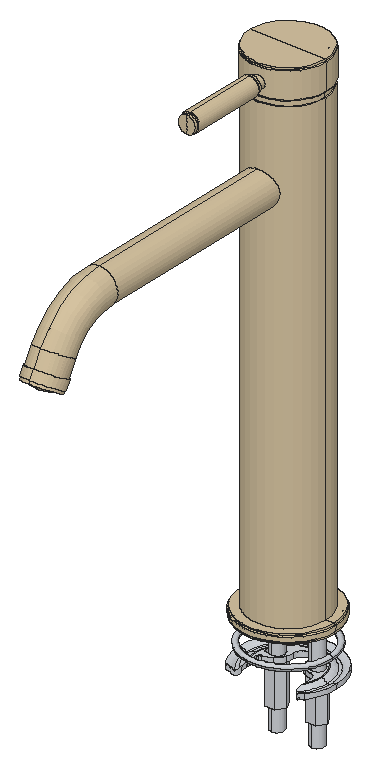
Revit family "Reece_Tap_Milli_Etch_Basin Mixer_Extended", category Plumbing Fixtures, host Face, Revit 2018
Family settings
  Host = Face
  Round Connector Dimension = Use Diameter
  Part Type = Normal
  Cut with Voids When Loaded = No
  Shared = Yes
  Room Calculation Point = Yes
Parameters (values of type "Brushed Gold")
  WFU = 0  # constant formula
  URL = "https://www.reece.com.au/product/-21367"
  Type Comments = "Tap"
  Reece_Tap_Reach = 163 mm  # constant formula
  Reece_Tap_Inlet = 12 mm  # constant formula
  Reece_Tap_Clearance = 180 mm  # constant formula
  Reece_Product_Web Page = "https://www.reece.com.au/product/-21367"
  Reece_Product_Type = "Tap"
  Reece_Product_Sub Brand = "Etch"
  Reece_Product_Number = "21367"
  Reece_Product_Mount = "Hob Mounted"
  Reece_Product_Description = "Milli Etch Extended Height Basin Mixer Tap Brushed Gold (6 Star) Lead Free"
  Reece_Product_Brand = "Milli"
  Reece_Overall_Length = 196 mm  # constant formula
  Reece_Overall_Height = 271 mm  # constant formula
  Reece_Material_Secondary = Reece_PVD_Brushed Gold_Knurl Pattern
  Reece_Material_Main = Reece_PVD_Brushed Gold
  Reece_Detail_Installation = ""
  Reece_Detail_Disclaimer = "THIS FILE IS THE PROPERTY OF THE REECE GROUP. IT MAY NOT BE REPRODUCED, REVERSE-ENGINEERED, OR MODIFIED. ANY REPUBLICATION, TRANSMISSION, OR DISTRIBUTION FOR THE PURPOSE OF COMMERCIALLY EXPLOITING THE FILES IS PROHIBITED."  # constant formula
  Reece_Detail_Connector = ""
  Reece_Detail_Additional = "Basin Mixer"
  Model = "Etch"
  Manufacturer = "Milli"
  Keynote = "Product #21367, Reece_Tap_Milli_Etch_Basin Mixer_Extended - Brushed Gold"
  HWFU = 0  # constant formula
  Disclaimer = "THIS FILE IS THE PROPERTY OF THE REECE GROUP. IT MAY NOT BE REPRODUCED, REVERSE-ENGINEERED, OR MODIFIED. ANY REPUBLICATION, TRANSMISSION, OR DISTRIBUTION FOR THE PURPOSE OF COMMERCIALLY EXPLOITING THE FILES IS PROHIBITED."  # constant formula
  Description = "Milli Etch Extended Height Basin Mixer Tap Brushed Gold (6 Star) Lead Free"
  Default Elevation = 1000 mm
  CWFU = 0  # constant formula
Types (6, lengths in mm): name | URL | Reece_Product_Web Page | Reece_Product_Number | Reece_Product_Description | Reece_Material_Secondary | Reece_Material_Main | Keynote | Description
  Chrome | "https://www.reece.com.au/product/-21364" | "https://www.reece.com.au/product/-21364" | "21364" | "Milli Etch Extended Height Basin Mixer Tap Chrome (6 Star) Lead Free" | Reece_Brass_Chrome_Knurl Pattern | Reece_Brass_Chrome | "Product #21364, Reece_Tap_Milli_Etch_Basin Mixer_Extended - Chrome" | "Milli Etch Extended Height Basin Mixer Tap Chrome (6 Star) Lead Free"
  Matte Black | "https://www.reece.com.au/product/-21365" | "https://www.reece.com.au/product/-21365" | "21365" | "Milli Etch Extended Height Basin Mixer Tap Matte Black (6 Star) Lead Free" | Reece_Brass_Matte Black_Knurl Pattern | Reece_Brass_Matte Black | "Product #21365, Reece_Tap_Milli_Etch_Basin Mixer_Extended - Matte Black" | "Milli Etch Extended Height Basin Mixer Tap Matte Black (6 Star) Lead Free"
  Brushed Nickel | "https://www.reece.com.au/product/-21366" | "https://www.reece.com.au/product/-21366" | "21366" | "Milli Etch Extended Height Basin Mixer Tap Brushed Nickel (6 Star) Lead Free" | Reece_Brass_Brushed Nickel_Knurl Pattern | Reece_Brass_Brushed Nickel | "Product #21366, Reece_Tap_Milli_Etch_Basin Mixer_Extended - Brushed Nickel" | "Milli Etch Extended Height Basin Mixer Tap Brushed Nickel (6 Star) Lead Free"
  Brushed Gold | "https://www.reece.com.au/product/-21367" | "https://www.reece.com.au/product/-21367" | "21367" | "Milli Etch Extended Height Basin Mixer Tap Brushed Gold (6 Star) Lead Free" | Reece_PVD_Brushed Gold_Knurl Pattern | Reece_PVD_Brushed Gold | "Product #21367, Reece_Tap_Milli_Etch_Basin Mixer_Extended - Brushed Gold" | "Milli Etch Extended Height Basin Mixer Tap Brushed Gold (6 Star) Lead Free"
  Brushed Bronze | "https://www.reece.com.au/product/-21369" | "https://www.reece.com.au/product/-21369" | "21369" | "Milli Etch Extended Height Basin Mixer Tap Brushed Bronze (6 Star) Lead Free" | Reece_PVD_Brushed Bronze_Knurl Pattern | Reece_PVD_Brushed Bronze | "Product #21369, Reece_Tap_Milli_Etch_Basin Mixer_Extended - Brushed Bronze" | "Milli Etch Extended Height Basin Mixer Tap Brushed Bronze (6 Star) Lead Free"
  Brushed Gunmetal | "https://www.reece.com.au/product/-21368" | "https://www.reece.com.au/product/-21368" | "21368" | "Milli Etch Extended Height Basin Mixer Tap Brushed Gunmetal (6 Star) Lead Free" | Reece_Brass_Brushed Gunmetal_Knurl Pattern | Reece_Brass_Brushed Gunmetal | "Product #21368, Reece_Tap_Milli_Etch_Basin Mixer_Extended - Brushed Gunmetal" | "Milli Etch Extended Height Basin Mixer Tap Brushed Gunmetal (6 Star) Lead Free"
Reference planes
  plane 1 "Center (Front/Back)": y = 0
  plane 2 "Bottom": z = 0
  plane 3 "Center (Left/Right)": x = 0
  plane 4: y = 24.973
  plane 5: z = 271
  plane 6: z = 180
  plane 7: y = -163
  plane 8: y = -171.027
  plane 9: through (0, -162.981, 180.006) normal (0, -0.866, 0.5)
Forms (mm)
  Revolve 1, solid, material "Reece_PVD_Brushed Gold" <- "Reece_Material_Main"
    sketch origin (0, 0, 102) x (1, 0, 0) y (0, 0, 1)
      loop
        line (-20, 150.5) -> (-20, -97) -> (-24.505, -97) -> (-24.505, -97.8) -> (-25.259, -98.3) -> (-23.075, -98.3) -> (-23.075, -100.7) -> (-25.259, -100.7) -> (-24.505, -101.2) -> (-24.505, -102) -> (0, -102) -> (0, 160.281) -> (-19.2, 160.281) -> (-19.2, 150.5) -> (-20, 150.5)
      axis (0, 160.281) -> (0, -102)
    angle from 0 to 360
  Sweep 2, solid, material "Reece_PVD_Brushed Gold" <- "Reece_Material_Main"
    path origin (0, 23, 102) x (0, 1, 0) y (0, 0, 1)
      loop
        line (-23, 109) -> (-147.868, 109)
        arc (-147.868, 109) -> (-165.368, 104.311) -> (-178.179, 91.5) r 35
        line (-178.179, 91.5) -> (-185.973, 78)
    profile origin (0, -62.434, 211) x (0, 0, -1) y (1, 0, 0)
      loop
        circle (0, 0) r 7.861
      loop
        circle (0, 0) r 9.5
  Extrusion 3, solid
    sketch origin (0, 0, 0) x (0, 1, 0) y (1, 0, 0)
      loop
        circle (6, 10.743) r 3.5
      loop
        circle (6, -10.743) r 3.5
    from 60 to 0
  Revolve 4, solid
    sketch origin (0, 0, -7.5) x (1, 0, 0) y (0, 0, 1)
      loop
        arc (-17.127, -16) -> (-19.041, -16.417) -> (-20.607, -17.592) r 4.6
        arc (-20.607, -17.592) -> (-21.5, -18) -> (-22.393, -17.592) r 1.18
        arc (-22.393, -17.592) -> (-23.926, -16.432) -> (-25.8, -16.001) r 4.6
        line (-25.8, -16.001) -> (-25.8, -18.5) -> (-24.2, -18.5)
        arc (-24.2, -18.5) -> (-21.5, -20) -> (-18.8, -18.5) r 3.18
        line (-18.8, -18.5) -> (-17.2, -18.5) -> (-17.2, -16.001)
      axis (0, -16) -> (0, -18.5)
    angle from 0 to 360
  Extrusion 5, void
    sketch origin (0, 0, -26) x (1, 0, 0) y (0, 1, 0)
      loop
        line (-15, -8.4) -> (-15, -11.9)
        arc (-15, -11.9) -> (-17.056, -15.277) -> (-21, -15) r 3.801
        line (-21, -15) -> (-27.6, -15) -> (-27.6, -34.6) -> (0, -34.6) -> (27.6, -34.6) -> (27.6, -15) -> (21, -15)
        arc (21, -15) -> (17.056, -15.277) -> (15, -11.9) r 3.801
        line (15, -11.9) -> (15, -8.4) -> (-15, -8.4)
    from 8.9 to -9.664
  Extrusion 6, solid
    sketch origin (0, 0, 0) x (1, 0, 0) y (0, 1, 0)
      loop
        circle (-10.743, 6) r 3.5
      loop
        line (-5.543, 6) -> (-8.143, 10.503) -> (-13.343, 10.503) -> (-15.943, 6) -> (-13.343, 1.497) -> (-8.143, 1.497) -> (-5.543, 6)
      loop
        circle (10.743, 6) r 3.5
      loop
        line (15.943, 6) -> (13.343, 10.503) -> (8.143, 10.503) -> (5.543, 6) -> (8.143, 1.497) -> (13.343, 1.497) -> (15.943, 6)
    from -48.5 to -26
  Extrusion 7, solid
    sketch origin (0.009, 0, 0) x (1, 0, 0) y (0, 1, 0)
      loop
        arc (-17.2, 0) -> (-16.643, -4.34) -> (-15.009, -8.4) r 17.2
        line (-15.009, -8.4) -> (-15.009, -2.598)
        arc (-15.009, -2.598) -> (-14.617, -1.409) -> (-13.595, -0.686) r 2
        line (-13.595, -0.686) -> (-6.814, 3.229)
        arc (-6.814, 3.229) -> (-4.792, 5.425) -> (-4.382, 8.382) r 5
        arc (-4.382, 8.382) -> (0, 13.556) -> (4.382, 8.382) r 4.443
        arc (4.382, 8.382) -> (4.792, 5.425) -> (6.814, 3.229) r 5
        line (6.814, 3.229) -> (13.595, -0.686)
        arc (13.595, -0.686) -> (14.617, -1.409) -> (15.009, -2.598) r 2
        line (15.009, -2.598) -> (15.009, -8.4)
        arc (15.009, -8.4) -> (16.643, -4.34) -> (17.2, 0) r 17.2
        arc (17.2, 0) -> (0, 17.2) -> (-17.2, 0) r 17.2
      loop
        line (-12.14, 9.204) -> (-13.722, 8.291)
        arc (-13.722, 8.291) -> (-15.003, 3.51) -> (-10.222, 2.229) r 3.5
        line (-10.222, 2.229) -> (-8.64, 3.142)
        arc (-8.64, 3.142) -> (-7.359, 7.923) -> (-12.14, 9.204) r 3.5
      loop
        arc (12.14, 9.204) -> (7.359, 7.923) -> (8.64, 3.142) r 3.5
        line (8.64, 3.142) -> (10.222, 2.229)
        arc (10.222, 2.229) -> (15.003, 3.51) -> (13.722, 8.291) r 3.5
        line (13.722, 8.291) -> (12.14, 9.204)
    from -23.5 to -26
  Revolve 8, solid
    sketch origin (0, 0, 0) x (1, 0, 0) y (0, 0, 1)
      loop
        circle (-22, -12.598) r 1.3
      axis (0, -12.598) -> (0, -13.598)
    angle from 0 to 360
  Extrusion 9, void
    sketch origin (0, 0, 0) x (1, 0, 0) y (0, 1, 0)
      loop
        circle (-10.743, 6) r 3.5
      loop
        circle (10.743, 6) r 3.5
      loop
        circle (7.191, -5.721) r 6.7
      loop
        circle (-7.191, -5.721) r 6.7
    from 4.469 to 0
  Extrusion 10, solid
    sketch origin (0, 0, -26) x (0, 1, 0) y (1, 0, 0)
      loop
        arc (-8.417, -15) -> (17.2, 0) -> (-8.417, 15) r 17.2
        line (-8.417, 15) -> (-2.83, 15)
        arc (-2.83, 15) -> (-1.68, 14.638) -> (-0.946, 13.681) r 2.004
        line (-0.946, 13.681) -> (1.021, 8.277)
        arc (1.021, 8.277) -> (2.606, 6.074) -> (5.11, 5.025) r 5
        line (5.11, 5.025) -> (9.672, 4.465)
        arc (9.672, 4.465) -> (13.622, 0) -> (9.672, -4.465) r 4.498
        line (9.672, -4.465) -> (5.11, -5.025)
        arc (5.11, -5.025) -> (2.606, -6.074) -> (1.021, -8.277) r 5
        line (1.021, -8.277) -> (-1.001, -13.832)
        arc (-1.001, -13.832) -> (-1.44, -14.535) -> (-2.127, -15) r 2
        line (-2.127, -15) -> (-8.417, -15)
      loop
        line (2.677, -9.644) -> (2.335, -10.584)
        arc (2.335, -10.584) -> (4.512, -14.989) -> (8.948, -12.876) r 3.5
        line (8.948, -12.876) -> (9.523, -11.293)
        arc (9.523, -11.293) -> (7.565, -6.747) -> (3.019, -8.704) r 3.5
        line (3.019, -8.704) -> (2.677, -9.644)
      loop
        line (2.677, 9.644) -> (3.019, 8.704)
        arc (3.019, 8.704) -> (7.565, 6.747) -> (9.523, 11.293) r 3.5
        line (9.523, 11.293) -> (8.948, 12.876)
        arc (8.948, 12.876) -> (4.512, 14.989) -> (2.335, 10.584) r 3.5
        line (2.335, 10.584) -> (2.677, 9.644)
    from 0 to -2.5
  Revolve 11, solid, material "Reece_PVD_Brushed Gold" <- "Reece_Material_Main"
    sketch origin (0, -56.2, 102) x (0, 1, 0) y (0, 0, 1)
      loop
        line (-99.434, 73.763) -> (-98.708, 75.019) -> (-106.047, 79.257) -> (-107.446, 76.834)
        arc (-107.446, 76.834) -> (-104.275, 75.395) -> (-100.884, 74.6) r 17.839
        line (-100.884, 74.6) -> (-99.434, 73.763)
      axis (-106.047, 79.257) -> (-107.446, 76.834)
    angle from 0 to 360
  Extrusion 12, void
    sketch origin (0, -56.2, 102) x (0, 1, 0) y (0, 0, 1)
      loop
        line (-105.907, 77.5) -> (-107.639, 78.5) -> (-109.528, 75.227) -> (-107.796, 74.227) -> (-105.907, 77.5)
    from 20 to -20.015
  Extrusion 13, void
    sketch origin (0, 0, 0) x (1, 0, 0) y (0, 1, 0)
      loop
        circle (0, 0) r 23.583
    from 0 to -80
  Revolve 14, solid, material "Reece_PVD_Brushed Gold_Knurl Pattern" <- "Reece_Material_Secondary"
    sketch origin (0, 0, 0) x (1, 0, 0) y (0, 0, 1)
      loop
        line (-23.583, 3.7) -> (-25.259, 3.7) -> (-25.259, 1.3) -> (-23.583, 1.3) -> (-23.583, 3.7)
      axis (0, 3.7) -> (0, 1.3)
    angle from 0 to 360
  Revolve 15, solid, material "Reece_PVD_Brushed Gold" <- "Reece_Material_Main"
    sketch origin (0, 0, 109.15) x (0, 1, 0) y (0, 0, 1)
      loop
        line (-18.524, 153) -> (-25.673, 153) -> (-25.673, 148) -> (-25.073, 148.5) -> (-23.873, 148.5) -> (-23.873, 149.476) -> (-18.524, 149.476) -> (-18.524, 153)
      loop
        line (-65.173, 153) -> (-66.973, 153) -> (-66.973, 148.5) -> (-65.773, 148.5) -> (-65.173, 148) -> (-65.173, 153)
      axis (-18.524, 153) -> (-66.973, 153)
    angle from 0 to 360
  Revolve 16, solid, material "Reece_PVD_Brushed Gold_Knurl Pattern" <- "Reece_Material_Secondary"
    sketch origin (0, 23, 0) x (0, 1, 0) y (0, 0, 1)
      loop
        line (-185.231, 181.304) -> (-176.571, 176.304) -> (-174.071, 180.634) -> (-182.731, 185.634) -> (-185.231, 181.304)
      axis (-182.731, 185.634) -> (-185.231, 181.304)
    angle from 0 to 360
  Revolve 17, solid, material "Reece_PVD_Brushed Gold_Knurl Pattern" <- "Reece_Material_Secondary"
    sketch origin (0, 0, 109.15) x (0, 1, 0) y (0, 0, 1)
      loop
        line (-65.173, 153) -> (-25.673, 153) -> (-25.673, 158.027) -> (-65.173, 158.027) -> (-65.173, 153)
      axis (-25.673, 153) -> (-65.173, 153)
    angle from 0 to 360
  Revolve 18, solid, material "Reece_PVD_Brushed Gold" <- "Reece_Material_Main"
    sketch origin (0, 0, 108.5) x (1, 0, 0) y (0, 0, 1)
      loop
        line (0, 162.5) -> (-20, 162.5) -> (-20, 161.7) -> (-20.5, 161.1) -> (-17, 161.1) -> (-17, 147.4) -> (-20.5, 147.4) -> (-20, 146.8) -> (0, 146.8) -> (0, 162.5)
      axis (0, 146.8) -> (0, 162.5)
    angle from 0 to 360
  Revolve 19, solid, material "Reece_PVD_Brushed Gold_Knurl Pattern" <- "Reece_Material_Secondary"
    sketch origin (0, 0, 108.5) x (1, 0, 0) y (0, 0, 1)
      loop
        line (-20.5, 161.1) -> (-20.5, 147.4) -> (0, 147.4) -> (0, 161.1) -> (-20.5, 161.1)
      axis (0, 147.4) -> (0, 161.1)
    angle from 0 to 360
Cuts and joins
  Extrusion 5 cuts Revolve 4
  Extrusion 9 cuts Extrusion 3
  Extrusion 9 cuts Revolve 1
  Extrusion 12 cuts Sweep 2
  Extrusion 12 cuts Revolve 11
  joined: Revolve 1, Sweep 2, Revolve 11, Revolve 15, Revolve 18
  joined: Revolve 17, Revolve 19
Text (mm)
  text "Reece ©" at (-376.789, -229.394, 0), in view "Ref. Level"
  text "Reece ©" at (44.384, 258.95, 192.345), in view "Reece Preview"
Dimensions and locks
  "Reece_Tap_Clearance": plane 6 to level
  "Reece_Overall_Height": plane 5 to host face
  "Reece_Tap_Reach": plane 1 "Center (Front/Back)" to plane 7
  "Reece_Overall_Length": plane 4 to plane 8
  angle plane 7 to plane 9 = 30.00°
  aligned and locked: plane 2 "Bottom" to host face
  aligned and locked: level to host face
  aligned and locked: host face to Extrusion 13
Automatic sketch dimensions
  host sketch curve to host sketch curve = 380.785 mm
  host sketch curve to host sketch curve = 317.421 mm
  Sweep 2 sketch curve to plane 6 = 0 mm
  Sweep 2 sketch curve to plane 1 "Center (Front/Back)" = 0 mm
  Sweep 2 sketch curve to plane 7 = 38.132 mm
  Sweep 2 sketch curve to plane 7 = 7.821 mm
  Sweep 2 sketch curve to plane 6 = 4 mm
  plane 6 to Sweep 2 sketch curve = 13.5 mm
  Sweep 2 sketch curve to plane 7 = 0.027 mm
  Sweep 2 sketch curve to Sweep 2 sketch curve = 0 mm  (x2)
  Sweep 2 sketch curve to profile plane = 0 mm  (x2)
  Extrusion 3 sketch curve to Extrusion 3 sketch curve = 21.485 mm
  Revolve 4 sketch curve to Revolve 4 sketch curve = 0 mm  (x4)
  Revolve 4 sketch curve to plane 3 "Center (Left/Right)" = 0 mm
  Revolve 4 sketch curve to plane 3 "Center (Left/Right)" = 17.127 mm
  Revolve 4 sketch curve to Revolve 4 sketch curve = 0.073 mm  (x2)
  Revolve 4 sketch curve to Revolve 4 sketch curve = 1.6 mm  (x2)
  Revolve 4 sketch curve to Revolve 4 sketch curve = 2.7 mm  (x2)
  Revolve 4 sketch curve to level = 28.1 mm
  Revolve 4 sketch curve to Revolve 4 sketch curve = 2.1 mm
  Revolve 4 sketch curve to Revolve 4 sketch curve = 1.68 mm
  Revolve 4 sketch curve to Revolve 4 sketch curve = 2.499 mm
  Revolve 4 sketch curve to Revolve 4 sketch curve = 0.893 mm
  Revolve 4 sketch curve to Revolve 4 sketch curve = 0.4 mm
  Revolve 4 sketch curve to Revolve 4 sketch curve = 5 mm
  Extrusion 5 sketch curve to Revolve 4 = 34.6 mm
  Extrusion 5 sketch curve to Extrusion 5 sketch curve = 6.6 mm  (x4)
  Extrusion 5 sketch curve to Extrusion 5 sketch curve = 2.199 mm  (x2)
  Extrusion 5 sketch curve to Extrusion 5 sketch curve = 3.801 mm  (x2)
  Extrusion 5 sketch curve to Extrusion 5 sketch curve = 15 mm
  Extrusion 5 sketch curve to Revolve 4 = 8.4 mm
  Extrusion 5 sketch curve to Extrusion 5 sketch curve = 30 mm
  Extrusion 6 sketch curve to Extrusion 6 sketch curve = 0 mm  (x4)
  Extrusion 6 sketch curve to plane 1 "Center (Front/Back)" = 6 mm  (x2)
  Extrusion 6 sketch curve to plane 3 "Center (Left/Right)" = 15.943 mm
  Extrusion 6 sketch curve to Extrusion 6 sketch curve = 2.6 mm  (x12)
  Extrusion 6 sketch curve to plane 1 "Center (Front/Back)" = 1.497 mm  (x2)
  plane 3 "Center (Left/Right)" to Extrusion 6 sketch curve = 5.543 mm
  Extrusion 6 sketch curve to Extrusion 6 sketch curve = 4.503 mm  (x6)
  Extrusion 6 sketch curve to plane 1 "Center (Front/Back)" = 2.5 mm  (x2)
  Extrusion 7 sketch curve to Extrusion 7 sketch curve = 0 mm  (x7)
  plane 1 "Center (Front/Back)" to Extrusion 7 sketch curve = 0 mm
  plane 1 "Center (Front/Back)" to Extrusion 7 sketch curve = 2.598 mm  (x2)
  Extrusion 7 sketch curve to plane 3 "Center (Left/Right)" = 15 mm
  Extrusion 7 sketch curve to Extrusion 7 sketch curve = 1.288 mm
  plane 1 "Center (Front/Back)" to Extrusion 7 sketch curve = 0.686 mm  (x2)
  Extrusion 7 sketch curve to Extrusion 7 sketch curve = 1.414 mm
  Extrusion 7 sketch curve to Extrusion 7 sketch curve = 1.582 mm  (x6)
  Extrusion 7 sketch curve to Extrusion 7 sketch curve = 1.75 mm  (x2)
  Extrusion 7 sketch curve to plane 1 "Center (Front/Back)" = 2.229 mm  (x2)
  Extrusion 7 sketch curve to Extrusion 7 sketch curve = 1.076 mm  (x2)
  Extrusion 7 sketch curve to plane 1 "Center (Front/Back)" = 3.142 mm
  Extrusion 7 sketch curve to plane 1 "Center (Front/Back)" = 3.229 mm  (x2)
  Extrusion 7 sketch curve to Extrusion 7 sketch curve = 1.826 mm  (x2)
  plane 3 "Center (Left/Right)" to Extrusion 7 sketch curve = 0.009 mm  (x2)
  plane 3 "Center (Left/Right)" to Extrusion 7 sketch curve = 6.823 mm
  Extrusion 7 sketch curve to Extrusion 7 sketch curve = 0.674 mm
  Extrusion 7 sketch curve to Extrusion 7 sketch curve = 2.826 mm
  Extrusion 7 sketch curve to Extrusion 7 sketch curve = 2.788 mm
  Extrusion 7 sketch curve to Extrusion 7 sketch curve = 0.586 mm
  Extrusion 7 sketch curve to plane 1 "Center (Front/Back)" = 8.291 mm
  Extrusion 7 sketch curve to Extrusion 7 sketch curve = 5.802 mm
  Extrusion 7 sketch curve to Extrusion 7 sketch curve = 0.913 mm  (x3)
  Extrusion 7 sketch curve to Extrusion 7 sketch curve = 3.031 mm
  Extrusion 7 sketch curve to Extrusion 7 sketch curve = 1.386 mm  (x2)
  Extrusion 7 sketch curve to Extrusion 7 sketch curve = 5.884 mm
  plane 3 "Center (Left/Right)" to Revolve 8 sketch curve = 0 mm
  Revolve 8 sketch curve to plane 3 "Center (Left/Right)" = 22 mm
  Revolve 8 sketch curve to level = 12.598 mm
  Revolve 8 sketch curve to Revolve 8 sketch curve = 440.332 mm
  plane 5 to Revolve 8 sketch curve = 2174.244 mm
  Extrusion 9 sketch curve to Extrusion 9 sketch curve = 0 mm  (x4)
  Extrusion 9 sketch curve to plane 3 "Center (Left/Right)" = 10.743 mm
  Extrusion 9 sketch curve to plane 3 "Center (Left/Right)" = 7.191 mm
  plane 3 "Center (Left/Right)" to Extrusion 9 sketch curve = 7.191 mm
  plane 3 "Center (Left/Right)" to Extrusion 9 sketch curve = 10.743 mm
  plane 1 "Center (Front/Back)" to Extrusion 9 sketch curve = 5.721 mm  (x2)
  Extrusion 9 sketch curve to plane 1 "Center (Front/Back)" = 6 mm  (x2)
  Extrusion 9 sketch curve to plane 1 "Center (Front/Back)" = 2.5 mm  (x2)
  Extrusion 10 sketch curve to Revolve 4 = 0.946 mm
  Extrusion 10 sketch curve to Revolve 4 = 1.001 mm
  Extrusion 10 sketch curve to Extrusion 10 sketch curve = 1.125 mm
  Extrusion 10 sketch curve to Extrusion 10 sketch curve = 1.884 mm
  Extrusion 10 sketch curve to Extrusion 10 sketch curve = 0.754 mm
  Extrusion 10 sketch curve to Extrusion 10 sketch curve = 5.587 mm
  Extrusion 10 sketch curve to Extrusion 10 sketch curve = 5.536 mm
  Revolve 4 to Extrusion 10 sketch curve = 1.021 mm  (x2)
  Revolve 4 to Extrusion 10 sketch curve = 2.335 mm  (x2)
  Extrusion 10 sketch curve to Extrusion 10 sketch curve = 0.342 mm  (x4)
  Extrusion 10 sketch curve to Extrusion 10 sketch curve = 2.091 mm  (x2)
  Extrusion 10 sketch curve to Extrusion 10 sketch curve = 3.323 mm  (x2)
  Extrusion 10 sketch curve to Extrusion 10 sketch curve = 0.061 mm  (x2)
  Extrusion 10 sketch curve to Extrusion 10 sketch curve = 0.552 mm  (x2)
  Extrusion 10 sketch curve to Extrusion 10 sketch curve = 3.29 mm  (x2)
  Extrusion 10 sketch curve to Extrusion 10 sketch curve = 4.014 mm
  Extrusion 10 sketch curve to Extrusion 10 sketch curve = 0.575 mm  (x2)
  Extrusion 10 sketch curve to Extrusion 10 sketch curve = 0.548 mm  (x2)
  Extrusion 10 sketch curve to Extrusion 10 sketch curve = 1.319 mm
  Extrusion 10 sketch curve to Extrusion 10 sketch curve = 0.805 mm
  Extrusion 10 sketch curve to Extrusion 10 sketch curve = 1.194 mm
  Extrusion 10 sketch curve to Extrusion 10 sketch curve = 1.583 mm
  Extrusion 10 sketch curve to Extrusion 10 sketch curve = 1.683 mm
  Extrusion 10 sketch curve to Extrusion 10 sketch curve = 0.011 mm  (x2)
  Extrusion 10 sketch curve to Extrusion 10 sketch curve = 0.94 mm  (x3)
  Extrusion 10 sketch curve to Extrusion 10 sketch curve = 0.427 mm  (x2)
  Extrusion 10 sketch curve to Extrusion 10 sketch curve = 0.56 mm  (x2)
  Extrusion 10 sketch curve to Extrusion 10 sketch curve = 4.465 mm
  Extrusion 10 sketch curve to Extrusion 10 sketch curve = 3.253 mm
  Extrusion 10 sketch curve to Extrusion 10 sketch curve = 1.695 mm
  Extrusion 10 sketch curve to Extrusion 10 sketch curve = 1.852 mm
  Revolve 11 sketch curve to plane 6 = 0 mm
  plane 7 to Revolve 11 sketch curve = 0.646 mm
  Revolve 11 sketch curve to plane 7 = 0.753 mm
  Revolve 11 sketch curve to plane 7 = 5.916 mm
  Revolve 11 sketch curve to Revolve 11 sketch curve = 1.45 mm
  Revolve 11 sketch curve to plane 6 = 2.981 mm
  Revolve 11 sketch curve to Revolve 11 sketch curve = 0.726 mm
  Revolve 11 sketch curve to plane 7 = 8.273 mm
  Revolve 11 sketch curve to Revolve 11 sketch curve = 0.419 mm
  plane 7 to Revolve 11 sketch curve = 1.911 mm
  Revolve 11 sketch curve to plane 7 = 0.027 mm
  Revolve 11 sketch curve to Revolve 11 sketch curve = 2.191 mm
  plane 7 to Extrusion 12 sketch curve = 2.728 mm
  plane 7 to Extrusion 12 sketch curve = 0.996 mm
  plane 7 to Extrusion 12 sketch curve = 0.839 mm
  Extrusion 12 sketch curve to plane 6 = 3.773 mm
  Extrusion 12 sketch curve to Extrusion 12 sketch curve = 1 mm
  plane 1 "Center (Front/Back)" to Extrusion 13 sketch curve = 0 mm
  Extrusion 13 sketch curve to plane 3 "Center (Left/Right)" = 0 mm
  Extrusion 3 sketch curve to plane 1 "Center (Front/Back)" = 6 mm  (x2)
  plane 3 "Center (Left/Right)" to Extrusion 3 sketch curve = 10.743 mm
  Revolve 1 sketch curve to level = 0 mm
  plane 3 "Center (Left/Right)" to Revolve 1 sketch curve = 0 mm
  Revolve 1 sketch curve to plane 3 "Center (Left/Right)" = 0 mm
  Revolve 1 sketch curve to Revolve 1 sketch curve = 0.8 mm  (x2)
  level to Revolve 1 sketch curve = 1.3 mm
  Revolve 1 sketch curve to Revolve 1 sketch curve = 3.075 mm
  level to Revolve 1 sketch curve = 0.8 mm
  Revolve 1 sketch curve to Revolve 1 sketch curve = 1.429 mm  (x2)
  Revolve 1 sketch curve to Revolve 1 sketch curve = 0.754 mm  (x2)
  Revolve 1 sketch curve to Revolve 1 sketch curve = 2.4 mm
  Revolve 1 sketch curve to Revolve 1 sketch curve = 0.5 mm
  Revolve 1 sketch curve to level = 350.931 mm
  plane 5 to Revolve 1 sketch curve = 2273.744 mm
  plane 3 "Center (Left/Right)" to Revolve 14 sketch curve = 0 mm
  level to Revolve 14 sketch curve = 3.7 mm
  Revolve 14 sketch curve to plane 3 "Center (Left/Right)" = 23.583 mm
  Revolve 14 sketch curve to Revolve 14 sketch curve = 1.676 mm
  level to Revolve 14 sketch curve = 1.3 mm
  Revolve 14 sketch curve to level = 452.931 mm
  plane 5 to Revolve 14 sketch curve = 2174.244 mm
  plane 6 to Revolve 15 sketch curve = 77.65 mm
  plane 1 "Center (Front/Back)" to Revolve 15 sketch curve = 66.973 mm
  Revolve 15 sketch curve to Revolve 15 sketch curve = 1.2 mm  (x2)
  plane 6 to Revolve 15 sketch curve = 77.15 mm  (x2)
  Revolve 15 sketch curve to Revolve 15 sketch curve = 0.6 mm  (x2)
  plane 1 "Center (Front/Back)" to Revolve 15 sketch curve = 25.673 mm
  Revolve 15 sketch curve to Revolve 15 sketch curve = 5.349 mm
  Revolve 15 sketch curve to Revolve 15 sketch curve = 0.5 mm
  Revolve 15 sketch curve to Revolve 15 sketch curve = 0.976 mm
  Revolve 15 sketch curve to Revolve 15 sketch curve = 4.5 mm
  Revolve 15 sketch curve to Revolve 15 sketch curve = 3.524 mm
  plane 6 to Revolve 15 sketch curve = 82.15 mm
  plane 8 to Revolve 15 sketch curve = 1428.033 mm
  Revolve 15 sketch curve to plane 4 = 1694.042 mm
  plane 6 to Revolve 17 sketch curve = 87.177 mm
  plane 1 "Center (Front/Back)" to Revolve 17 sketch curve = 65.173 mm
  plane 1 "Center (Front/Back)" to Revolve 17 sketch curve = 25.673 mm
  Revolve 17 sketch curve to Revolve 17 sketch curve = 5.027 mm
  plane 6 to Revolve 17 sketch curve = 82.15 mm
  plane 8 to Revolve 17 sketch curve = 1428.033 mm
  Revolve 17 sketch curve to plane 4 = 1694.042 mm
  Revolve 16 sketch curve to plane 9 = 0 mm  (x3)
  plane 9 to Revolve 16 sketch curve = 0 mm
  Revolve 16 sketch curve to plane 7 = 0.769 mm
  Revolve 16 sketch curve to plane 7 = 3.269 mm
  Revolve 16 sketch curve to plane 6 = 3.696 mm
  plane 7 to Revolve 16 sketch curve = 1.437 mm
  plane 7 to Revolve 16 sketch curve = 3.554 mm
  Revolve 1 sketch curve to plane 3 "Center (Left/Right)" = 19.2 mm
  Revolve 18 sketch curve to plane 3 "Center (Left/Right)" = 0 mm  (x2)
  Revolve 18 sketch curve to plane 3 "Center (Left/Right)" = 17 mm
  Revolve 18 sketch curve to Revolve 18 sketch curve = 3 mm  (x2)
  Revolve 18 sketch curve to Revolve 18 sketch curve = 0.5 mm  (x2)
  plane 6 to Revolve 18 sketch curve = 75.3 mm
  Revolve 18 sketch curve to Revolve 18 sketch curve = 0.6 mm  (x2)
  plane 6 to Revolve 18 sketch curve = 89.6 mm
  plane 6 to Revolve 18 sketch curve = 91 mm
  Revolve 18 sketch curve to Revolve 18 sketch curve = 2.283 mm
  Revolve 18 sketch curve to Revolve 18 sketch curve = 4.017 mm
  Revolve 19 sketch curve to plane 3 "Center (Left/Right)" = 0 mm  (x2)
  Revolve 19 sketch curve to Revolve 19 sketch curve = 20.5 mm
  plane 6 to Revolve 19 sketch curve = 75.9 mm
  plane 6 to Revolve 19 sketch curve = 89.6 mm
  Revolve 19 sketch curve to Revolve 19 sketch curve = 4.044 mm
  Revolve 19 sketch curve to Revolve 19 sketch curve = 1.105 mm
  Revolve 1 sketch curve to plane 5 = 18.5 mm
  Revolve 1 sketch curve to plane 5 = 8.719 mm
  radius of Sweep 2 sketch curve = 7.861 mm
  radius of Sweep 2 sketch curve = 9.5 mm
  radius of Extrusion 3 sketch curve = 3.5 mm  (x2)
  radius of Revolve 8 sketch curve = 1.3 mm
  radius of Extrusion 9 sketch curve = 6.7 mm  (x2)
  radius of Extrusion 10 sketch curve to Revolve 4 = 0 mm
  radius of Extrusion 13 sketch curve = 23.583 mm
Connectors
  piping at (-7.191, -5.721, 4.469), diameter 12, driven by "Reece_Tap_Inlet"
    settings: on cut or joined group of Revolve 1, Sweep 2, Extrusion 9, Revolve 11, Extrusion 12, Revolve 15, Revolve 18, index 1, connector inside diameter 609.6 mm, connector length 0 mm, flow factor 0, pipe flow 0.0 L/s, pressure drop 0.0 Pa, fitting loss kfactor 0, connector angle 0.00°, fixture units 0, engagement length 0 mm, angle of deflection 0.00°, flow configuration 0, flow direction 1, fitting loss method 0, system type 29, joint type 0, gender type 0, connector reference index -1, connector utility 0, adjustable connector no, is connector primary yes, connector description ""
  piping at (7.191, -5.721, 4.469), diameter 12, driven by "Reece_Tap_Inlet"
    settings: on cut or joined group of Revolve 1, Sweep 2, Extrusion 9, Revolve 11, Extrusion 12, Revolve 15, Revolve 18, index 2, connector inside diameter 609.6 mm, connector length 0 mm, flow factor 0, pipe flow 0.0 L/s, pressure drop 0.0 Pa, fitting loss kfactor 0, connector angle 0.00°, fixture units 0, engagement length 0 mm, angle of deflection 0.00°, flow configuration 0, flow direction 1, fitting loss method 0, system type 29, joint type 0, gender type 0, connector reference index -1, connector utility 0, adjustable connector no, is connector primary no, connector description ""
